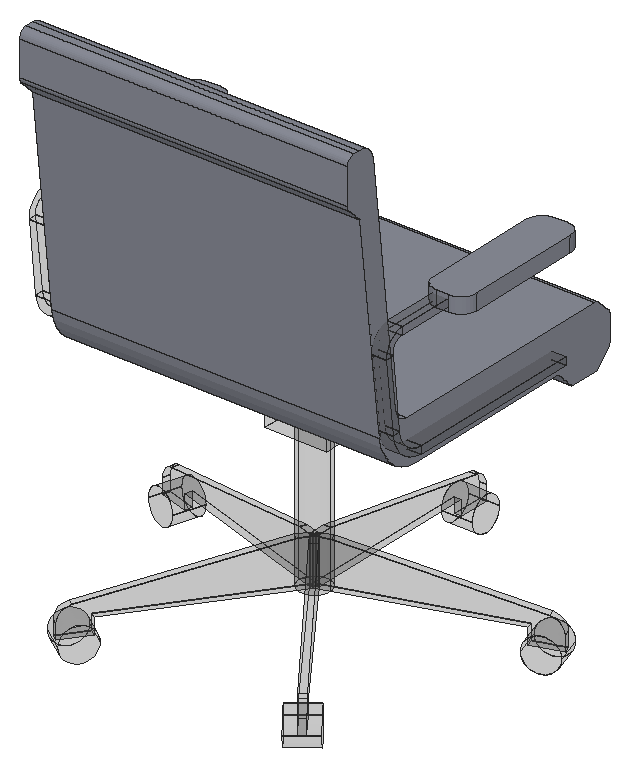
Revit family "M_Cadeira-Serviço (Braços)", category Mobiliário, Revit 2019
Family settings
  Número OmniClass = 23.40.20.14.14.11
  Título OmniClass = Chairs
  ID de item do Seek = Chair-Task (Arms)-0000-CAN-ENU
  Com base no plano de trabalho = Não
  Sempre na vertical = Sim
  Corte com vazios quando carregada = Não
  Compartilhado = Sim
  Ponto de cálculo do ambiente = Não
Parameters
  Material base = Plástico, Preto Opaco
  Material da projeção = Plástico, Preto Opaco
  Assento/Material preto = Tecido - Azul ardósia
Reference planes
  plane 1 "Centro (Frente/Trás)": y = 18.946
  plane 2: z = 0
  plane 3 "Centro (Esquerda/Direita)": x = 140.991
  plane 4: x = 458.491
  plane 5: x = -176.509
  plane 6: y = -323.954
  plane 7: y = 361.846
  plane 8: z = 889
  plane 9 "Assento": z = 457.2
  plane 10: y = -247.754
  plane 11: z = 863.6
  plane 12: y = 285.646
  plane 13: y = 260.246
  plane 14: z = 431.8
  plane 15: y = -222.354
  plane 16: z = 787.4
  plane 17: z = 355.6
  plane 18: x = 191.791
  plane 19: x = 90.191
  plane 20: x = 420.391
  plane 21: x = -138.409
  plane 22: z = 609.6
  plane 23: z = 609.6
Forms (mm)
  Extrusion 1, solid, material "Tecido - Azul ardósia" <- "Assento/Material preto"
    sketch origin (-176.509, 0, 0) x (0, -1, 0) y (0, 0, 1)
      loop
        arc (-255.01, 457.2) -> (-259.851, 456.241) -> (-263.96, 453.51) r 12.7
        line (-263.96, 453.51) -> (-281.896, 435.694)
        arc (-281.896, 435.694) -> (-284.671, 431.563) -> (-285.646, 426.684) r 12.7
        line (-285.646, 426.684) -> (-285.646, 391.641)
        arc (-285.646, 391.641) -> (-283.729, 381.96) -> (-278.266, 373.74) r 25.4
        line (-278.266, 373.74) -> (-260.247, 355.6) -> (-209.447, 355.6) -> (-181.074, 383.784) -> (107.109, 383.784)
        arc (107.109, 383.784) -> (157.745, 403.041) -> (182.787, 451.08) r 76.2
        line (182.787, 451.08) -> (222.354, 787.4) -> (244.034, 809.08)
        arc (244.034, 809.08) -> (246.787, 813.2) -> (247.754, 818.061) r 12.7
        line (247.754, 818.061) -> (247.754, 876.3)
        arc (247.754, 876.3) -> (244.034, 885.28) -> (235.054, 889) r 12.7
        line (235.054, 889) -> (222.179, 889)
        arc (222.179, 889) -> (205.3, 882.581) -> (196.953, 866.568) r 25.4
        line (196.953, 866.568) -> (151.431, 479.632)
        arc (151.431, 479.632) -> (143.084, 463.619) -> (126.205, 457.2) r 25.4
        line (126.205, 457.2) -> (-255.01, 457.2)
    from -50.8 to -584.2
  Extrusion 2, solid, material "Plástico, Preto Opaco" <- "Material base"
    sketch origin (191.791, 0, 0) x (0, -1, 0) y (0, 0, 1)
      loop
        line (19.154, 383.784) -> (-69.746, 383.784) -> (-69.746, 371.084) -> (-18.946, 283.095) -> (19.154, 283.095) -> (19.154, 383.784)
    from 0 to 101.6
  Extrusion 3, solid, material "Plástico, Preto Opaco" <- "Material base"
    sketch origin (140.991, 0, 0) x (0, 1, 0) y (0, 0, 1)
      loop
        line (18.946, 53.584) -> (311.046, 53.584) -> (311.046, 28.184) -> (361.846, 28.184) -> (361.846, 52.487)
        arc (361.846, 52.487) -> (355.903, 68.813) -> (340.857, 77.501) r 25.4
        line (340.857, 77.501) -> (44.346, 129.784) -> (18.946, 129.784) -> (18.946, 53.584)
    from 6.35 to -6.35
  Extrusion 4, solid, material "Plástico, Preto Opaco" <- "Material da projeção"
    sketch origin (140.991, 0, 0) x (0, 1, 0) y (0, 0, 1)
      loop
        circle (336.446, 28.184) r 28.2
    from 25.4 to -25.4
  Extrusion 5, solid, material "Plástico, Preto Opaco" <- "Material base"
    sketch origin (159.009, 13.091, 0) x (-0.951057, 0.309017, 0) y (0, 0, 1)
      loop
        line (18.946, 53.584) -> (311.046, 53.584) -> (311.046, 28.184) -> (361.846, 28.184) -> (361.846, 52.487)
        arc (361.846, 52.487) -> (355.903, 68.813) -> (340.857, 77.501) r 25.4
        line (340.857, 77.501) -> (44.346, 129.784) -> (18.946, 129.784) -> (18.946, 53.584)
    from 6.35 to -6.35
  Extrusion 6, solid, material "Plástico, Preto Opaco" <- "Material da projeção"
    sketch origin (159.009, 13.091, 0) x (-0.951057, 0.309017, 0) y (0, 0, 1)
      loop
        circle (336.446, 28.184) r 28.2
    from 25.4 to -25.4
  Extrusion 7, solid, material "Plástico, Preto Opaco" <- "Material base"
    sketch origin (152.127, 34.273, 0) x (-0.587785, -0.809017, 0) y (0, 0, 1)
      loop
        line (18.946, 53.584) -> (311.046, 53.584) -> (311.046, 28.184) -> (361.846, 28.184) -> (361.846, 52.487)
        arc (361.846, 52.487) -> (355.903, 68.813) -> (340.857, 77.501) r 25.4
        line (340.857, 77.501) -> (44.346, 129.784) -> (18.946, 129.784) -> (18.946, 53.584)
    from 6.35 to -6.35
  Extrusion 8, solid, material "Plástico, Preto Opaco" <- "Material da projeção"
    sketch origin (152.127, 34.273, 0) x (-0.587785, -0.809017, 0) y (0, 0, 1)
      loop
        circle (336.446, 28.184) r 28.2
    from 25.4 to -25.4
  Extrusion 9, solid, material "Plástico, Preto Opaco" <- "Material base"
    sketch origin (129.855, 34.273, 0) x (0.587785, -0.809017, 0) y (0, 0, 1)
      loop
        line (18.946, 53.584) -> (311.046, 53.584) -> (311.046, 28.184) -> (361.846, 28.184) -> (361.846, 52.487)
        arc (361.846, 52.487) -> (355.903, 68.813) -> (340.857, 77.501) r 25.4
        line (340.857, 77.501) -> (44.346, 129.784) -> (18.946, 129.784) -> (18.946, 53.584)
    from 6.35 to -6.35
  Extrusion 10, solid, material "Plástico, Preto Opaco" <- "Material da projeção"
    sketch origin (129.855, 34.273, 0) x (0.587785, -0.809017, 0) y (0, 0, 1)
      loop
        circle (336.446, 28.184) r 28.2
    from 25.4 to -25.4
  Extrusion 11, solid, material "Plástico, Preto Opaco" <- "Material base"
    sketch origin (122.972, 13.091, 0) x (0.951057, 0.309017, 0) y (0, 0, 1)
      loop
        line (18.946, 53.584) -> (311.046, 53.584) -> (311.046, 28.184) -> (361.846, 28.184) -> (361.846, 52.487)
        arc (361.846, 52.487) -> (355.903, 68.813) -> (340.857, 77.501) r 25.4
        line (340.857, 77.501) -> (44.346, 129.784) -> (18.946, 129.784) -> (18.946, 53.584)
    from 6.35 to -6.35
  Extrusion 12, solid, material "Plástico, Preto Opaco" <- "Material da projeção"
    sketch origin (122.972, 13.091, 0) x (0.951057, 0.309017, 0) y (0, 0, 1)
      loop
        circle (336.446, 28.184) r 28.2
    from 25.4 to -25.4
  Extrusion 13, solid, material "Plástico, Preto Opaco" <- "Material base"
    sketch origin (0, 0, 0) x (1, 0, 0) y (0, 1, 0)
      loop
        circle (140.991, 18.946) r 25.4
    from 53.584 to 384.175
  Sweep 14, solid, material "Plástico, Preto Opaco" <- "Material base"
    path origin (420.391, 0, 0) x (0, -1, 0) y (0, 0, 1)
      loop
        line (-167.032, 419.1) -> (128.329, 419.1)
        arc (128.329, 419.1) -> (162.087, 431.938) -> (178.781, 463.964) r 50.8
        line (178.781, 463.964) -> (192.578, 581.232)
        arc (192.578, 581.232) -> (186.332, 601.079) -> (167.352, 609.6) r 25.4
        line (167.352, 609.6) -> (-18.946, 609.6)
    profile origin (420.391, 19.351, 0) x (0, 0, 1) y (-1, 0, 0)
      loop
        line (425.45, 12.7) -> (412.75, 12.7) -> (412.75, -12.7) -> (425.45, -12.7) -> (425.45, 12.7)
  Sweep 15, solid, material "Plástico, Preto Opaco" <- "Material base"
    path origin (-138.409, 0, 0) x (0, -1, 0) y (0, 0, 1)
      loop
        line (-167.032, 419.1) -> (126.239, 419.1)
        arc (126.239, 419.1) -> (159.996, 431.938) -> (176.691, 463.964) r 50.8
        line (176.691, 463.964) -> (190.487, 581.232)
        arc (190.487, 581.232) -> (184.242, 601.079) -> (165.261, 609.6) r 25.4
        line (165.261, 609.6) -> (-18.946, 609.6)
    profile origin (-138.409, 20.397, 0) x (0, 0, 1) y (-1, 0, 0)
      loop
        line (412.75, -12.7) -> (425.45, -12.7) -> (425.45, 12.7) -> (412.75, 12.7) -> (412.75, -12.7)
  Extrusion 16, solid, material "Tecido - Azul ardósia" <- "Assento/Material preto"
    sketch origin (407.691, 167.032, 425.45) x (0, -1, 0) y (1, 0, 0)
      loop
        line (241.235, 6.35) -> (241.235, 25.4)
        arc (241.235, 25.4) -> (233.795, 43.361) -> (215.835, 50.8) r 25.4
        line (215.835, 50.8) -> (25.4, 50.8)
        arc (25.4, 50.8) -> (7.439, 43.361) -> (0, 25.4) r 25.4
        line (0, 25.4) -> (0, 6.35)
        arc (0, 6.35) -> (7.439, -11.611) -> (25.4, -19.05) r 25.4
        line (25.4, -19.05) -> (215.835, -19.05)
        arc (215.835, -19.05) -> (233.795, -11.611) -> (241.235, 6.35) r 25.4
      loop
        line (240.19, -558.8) -> (240.19, -539.75)
        arc (240.19, -539.75) -> (232.75, -521.789) -> (214.79, -514.35) r 25.4
        line (214.79, -514.35) -> (25.4, -514.35)
        arc (25.4, -514.35) -> (7.439, -521.789) -> (0, -539.75) r 25.4
        line (0, -539.75) -> (0, -558.8)
        arc (0, -558.8) -> (7.439, -576.761) -> (25.4, -584.2) r 25.4
        line (25.4, -584.2) -> (214.79, -584.2)
        arc (214.79, -584.2) -> (232.75, -576.761) -> (240.19, -558.8) r 25.4
    from 171.45 to 196.85
Lines and regions (mm)
  Masking region 1
    outline origin (0, 0, 457.2) x (0, -1, 0) y (1, 0, 0)
      loop
        line (-286.896, -132.059) -> (-168.214, -132.059) -> (-168.214, -151.084)
        arc (-168.214, -151.084) -> (-160.549, -169.591) -> (-142.042, -177.256) r 26.172
        line (-142.042, -177.256) -> (49.214, -177.256)
        arc (49.214, -177.256) -> (68.214, -169.386) -> (76.084, -150.387) r 26.869
        line (76.084, -150.387) -> (76.084, -132.059) -> (218.634, -132.059)
        arc (218.634, -132.059) -> (236.595, -124.62) -> (244.034, -106.659) r 25.4
        line (244.034, -106.659) -> (244.034, 388.641)
        arc (244.034, 388.641) -> (236.595, 406.601) -> (218.634, 414.041) r 25.4
        line (218.634, 414.041) -> (77.12, 414.041) -> (77.12, 432.371)
        arc (77.12, 432.371) -> (69.251, 451.367) -> (50.255, 459.235) r 26.864
        line (50.255, 459.235) -> (-142.04, 459.235)
        arc (-142.04, 459.235) -> (-160.544, 451.571) -> (-168.208, 433.067) r 26.168
        line (-168.208, 433.067) -> (-168.208, 414.041) -> (-286.896, 414.041) -> (-286.896, -132.059)
  symbolic lines
    curve 1: line (-100.309, -247.754, 457.2) -> (382.291, -247.754, 457.2)
    curve 2: line (-125.709, -222.354, 457.2) -> (-125.709, -177.005, 457.2)
    curve 3: line (-74.909, -126.205, 457.2) -> (356.891, -126.205, 457.2)
    curve 4: line (407.691, -222.354, 457.2) -> (407.691, -177.005, 457.2)
    curve 5: arc (-74.909, -126.205, 457.2) -> (-110.83, -141.084, 457.2) -> (-125.709, -177.005, 457.2) r 50.8
    curve 6: arc (356.891, -126.205, 457.2) -> (392.812, -141.084, 457.2) -> (407.691, -177.005, 457.2) r 50.8
    curve 7: arc (-125.709, -222.354, 457.2) -> (-118.27, -240.315, 457.2) -> (-100.309, -247.754, 457.2) r 25.4
    curve 8: arc (407.691, -222.354, 457.2) -> (400.251, -240.315, 457.2) -> (382.291, -247.754, 457.2) r 25.4
    curve 9: line (-132.059, 286.896, 457.2) -> (414.041, 286.896, 457.2)
    curve 10: line (-132.059, -76.084, 457.2) -> (-132.059, -218.634, 457.2)
    curve 11: line (-106.659, -244.034, 457.2) -> (388.641, -244.034, 457.2)
    curve 12: line (414.041, -77.12, 457.2) -> (414.041, -218.634, 457.2)
    curve 13: arc (-132.059, -218.634, 457.2) -> (-124.62, -236.595, 457.2) -> (-106.659, -244.034, 457.2) r 25.4
    curve 14: arc (414.041, -218.634, 457.2) -> (406.601, -236.595, 457.2) -> (388.641, -244.034, 457.2) r 25.4
    curve 15: line (-99.763, -43.787, 457.2) -> (-99.763, 135.918, 457.2)
    curve 16: line (-177.256, 142.042, 457.2) -> (-177.256, -49.214, 457.2)
    curve 17: line (-132.059, 168.214, 457.2) -> (-151.084, 168.214, 457.2)
    curve 18: arc (-151.084, 168.214, 457.2) -> (-169.591, 160.549, 457.2) -> (-177.256, 142.042, 457.2) r 26.172
    curve 19: arc (-99.763, 135.918, 457.2) -> (-109.222, 158.755, 457.2) -> (-132.059, 168.214, 457.2) r 32.296
    curve 20: arc (-177.256, -49.214, 457.2) -> (-169.386, -68.214, 457.2) -> (-150.387, -76.084, 457.2) r 26.869
    curve 21: arc (-132.059, -76.084, 457.2) -> (-109.222, -66.624, 457.2) -> (-99.763, -43.787, 457.2) r 32.296
    curve 22: line (-150.387, -76.084, 457.2) -> (-132.059, -76.084, 457.2)
    curve 23: line (381.757, 135.924, 457.2) -> (381.757, -44.836, 457.2)
    curve 24: arc (414.041, 168.208, 457.2) -> (391.213, 158.752, 457.2) -> (381.757, 135.924, 457.2) r 32.284
    curve 25: line (433.067, 168.208, 457.2) -> (414.041, 168.208, 457.2)
    curve 26: arc (433.067, 168.208, 457.2) -> (451.571, 160.544, 457.2) -> (459.235, 142.04, 457.2) r 26.168
    curve 27: line (459.235, -50.255, 457.2) -> (459.235, 142.04, 457.2)
    curve 28: arc (432.371, -77.12, 457.2) -> (451.367, -69.251, 457.2) -> (459.235, -50.255, 457.2) r 26.864
    curve 29: line (414.041, -77.12, 457.2) -> (432.371, -77.12, 457.2)
    curve 30: arc (414.041, -77.12, 457.2) -> (391.213, -67.664, 457.2) -> (381.757, -44.836, 457.2) r 32.284
    curve 31: line (-132.059, 286.896, 457.2) -> (-132.059, 168.214, 457.2)
    curve 32: line (414.041, 286.896, 457.2) -> (414.041, 168.208, 457.2)
Dimensions and locks
  equal spacing: plane 5, plane 3 "Centro (Esquerda/Direita)", plane 4
  plane 5 to plane 4 = 635.00 mm
  equal spacing: plane 6, plane 1 "Centro (Frente/Trás)", plane 7
  plane 6 to plane 7 = 685.80 mm
Automatic sketch dimensions
  plane 20 to curve 32 = 6.35 mm
  plane 7 to curve 32 = 74.95 mm
  curve 31 to plane 21 = 6.35 mm
  curve 9 to curve 31 = 118.682 mm
  curve 9 to curve 32 = 118.688 mm
  curve 17 to curve 18 = 26.172 mm
  curve 26 to plane 4 = 0.744 mm
  curve 26 to curve 24 = 6.116 mm
  plane 1 "Centro (Frente/Trás)" to curve 15 = 62.733 mm
  plane 20 to curve 30 = 6.35 mm
  plane 1 "Centro (Frente/Trás)" to curve 30 = 63.782 mm
  plane 5 to curve 20 = 0.747 mm
  curve 21 to curve 20 = 5.427 mm
  curve 30 to curve 28 = 5.419 mm
  curve 21 to curve 21 = 32.296 mm
  curve 28 to plane 20 = 11.98 mm
  curve 21 to curve 3 = 50.121 mm
  curve 6 to curve 4 = 50.80 mm
  curve 4 to curve 14 = 41.629 mm
  curve 2 to curve 13 = 41.629 mm
  curve 13 to curve 7 = 3.72 mm
  curve 14 to curve 8 = 3.72 mm
  curve 7 to curve 13 = 21.68 mm
  curve 8 to curve 11 = 21.68 mm
  curve 11 to curve 7 = 3.72 mm
  curve 13 to plane 21 = 6.35 mm
  curve 13 to curve 7 = 6.35 mm
  curve 1 to curve 14 = 6.35 mm
  Masking region 1 sketch curve to plane 21 = 6.35 mm  (x2)
  plane 7 to Masking region 1 sketch curve = 74.95 mm
  Masking region 1 sketch curve to Masking region 1 sketch curve = 118.682 mm
  plane 20 to Masking region 1 sketch curve = 6.35 mm  (x2)
  Masking region 1 sketch curve to Masking region 1 sketch curve = 118.688 mm
  plane 21 to Masking region 1 sketch curve = 12.675 mm
  Masking region 1 sketch curve to plane 20 = 12.676 mm
  plane 5 to Masking region 1 sketch curve = 0.747 mm
  plane 1 "Centro (Frente/Trás)" to Masking region 1 sketch curve = 68.16 mm
  Masking region 1 sketch curve to plane 4 = 0.744 mm
  plane 1 "Centro (Frente/Trás)" to Masking region 1 sketch curve = 69.201 mm
  plane 21 to Masking region 1 sketch curve = 11.978 mm
  Masking region 1 sketch curve to plane 20 = 11.98 mm
  Masking region 1 sketch curve to plane 6 = 105.32 mm
  Masking region 1 sketch curve to Masking region 1 sketch curve = 25.40 mm
  plane 20 to Masking region 1 sketch curve = 31.75 mm
